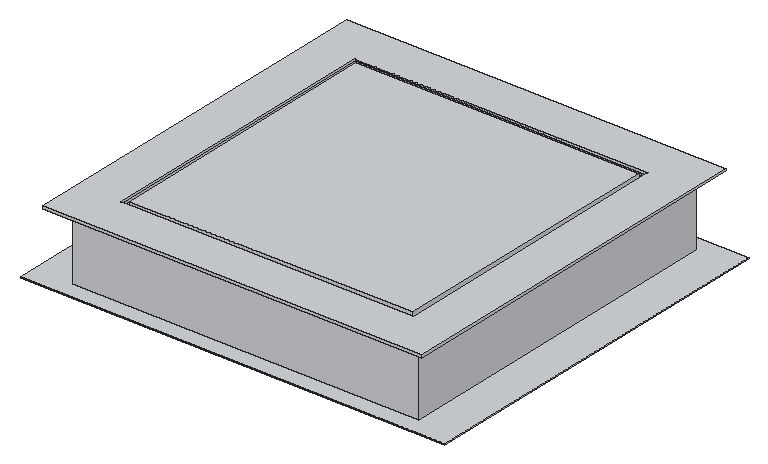
Revit family "Estrichüberdecktes Kanalsystem EÜK_UZD250-3_für_Estrichhöhe_70-125 mm", category Generic Models, Revit 2015
Parameters (values of type "UZD 250-3")
  Width = 200 mm
  URL = "http://www.obo-bettermann.com"
  Size "a" = 262 mm
  Material = Steel, Galvanized
  Manufacturer Art. No. = "7410030"
  Manufacturer = "OBO Bettermann"
  HeightCalc = if(Height < 70 mm, 70 mm, (if(Height > 125 mm, 125 mm, Height)))  # 70 mm
  Height = 70 mm
  GTIN = "4012195430964"
  Article Type = "UZD 250-3"
  "B" Dimension = 410 mm
  "A" Dimension = 367 mm
Reference planes
  plane 1 "Center (Front/Back)": y = 0
  plane 2: z = 0
  plane 3 "Center (Left/Right)": x = 0
  plane 4: z = 1
  plane 5: x = -205
  plane 6: y = -183.5
  plane 7: x = 205
  plane 8: y = 183.5
  plane 9: y = -167
  plane 10: x = 167
  plane 11: y = 167
  plane 12: x = -167
  plane 13: z = 68
  plane 14: z = 70
  plane 15: x = -183.5
  plane 16: x = 183.5
  plane 17: y = 141.5
  plane 18: x = 141.5
  plane 19: x = -141.5
  plane 20: y = -141.5
  plane 21: z = 66
  plane 22: y = 131
  plane 23: y = -131
  plane 24: x = 131
  plane 25: x = -131
  plane 26: y = -136.5
  plane 27: x = 136.5
  plane 28: y = 136.5
  plane 29: x = -136.5
Forms (mm)
  Extrusion 1, solid
    sketch origin (0, 0, 0) x (1, 0, 0) y (0, 1, 0)
      loop
        line (205, 183.5) -> (-205, 183.5) -> (-205, -183.5) -> (205, -183.5) -> (205, 183.5)
    from 0 to 1
  Extrusion 2, solid
    sketch origin (0, 0, 0) x (1, 0, 0) y (0, 1, 0)
      loop
        line (-167, 167) -> (-167, -167) -> (167, -167) -> (167, 167) -> (-167, 167)
    from 1 to 68
  Extrusion 3, solid
    sketch origin (0, 0, 0) x (1, 0, 0) y (0, 1, 0)
      loop
        line (-183.5, 183.5) -> (-183.5, -183.5) -> (183.5, -183.5) -> (183.5, 183.5) -> (-183.5, 183.5)
    from 68 to 70
  Extrusion 4, void
    sketch origin (0, 0, 0) x (1, 0, 0) y (0, 1, 0)
      loop
        line (-141.5, 141.5) -> (-141.5, -141.5) -> (141.5, -141.5) -> (141.5, 141.5) -> (-141.5, 141.5)
    from 66 to 70
  Extrusion 5, void
    sketch origin (0, 0, 0) x (1, 0, 0) y (0, 1, 0)
      loop
        line (-131, 131) -> (-131, -131) -> (131, -131) -> (131, 131) -> (-131, 131)
    from 1 to 66
  Extrusion 6, solid
    sketch origin (0, 0, 0) x (1, 0, 0) y (0, 1, 0)
      loop
        line (-136.5, 136.5) -> (-136.5, -136.5) -> (136.5, -136.5) -> (136.5, 136.5) -> (-136.5, 136.5)
    from 66 to 70
Cuts and joins
  Extrusion 4, Extrusion 5 cuts Extrusion 1
  Extrusion 4, Extrusion 5 cuts Extrusion 2
  Extrusion 4 cuts Extrusion 3
Lines and regions (mm)
  model lines
    curve 1: line (205, 183.5, 0) -> (-205, 183.5, 0)
    curve 2: line (205, 183.5, 0) -> (205, -183.5, 0)
    curve 3: line (205, -183.5, 0) -> (-205, -183.5, 0)
    curve 4: line (-205, -183.5, 0) -> (-205, 183.5, 0)
    curve 5: line (-167, 167, 0) -> (167, 167, 0)
    curve 6: line (167, 167, 0) -> (167, -167, 0)
    curve 7: line (167, -167, 0) -> (-167, -167, 0)
    curve 8: line (-167, -167, 0) -> (-167, 167, 0)
    curve 9: line (-183.5, 183.5, 0) -> (-183.5, -183.5, 0)
    curve 10: line (183.5, -183.5, 0) -> (183.5, 183.5, 0)
    curve 11: line (-141.5, 141.5, 0) -> (141.5, 141.5, 0)
    curve 12: line (141.5, 141.5, 0) -> (141.5, -141.5, 0)
    curve 13: line (141.5, -141.5, 0) -> (-141.5, -141.5, 0)
    curve 14: line (-141.5, -141.5, 0) -> (-141.5, 141.5, 0)
    curve 15: line (-131, 131, 0) -> (131, 131, 0)
    curve 16: line (131, 131, 0) -> (131, -131, 0)
    curve 17: line (131, -131, 0) -> (-131, -131, 0)
    curve 18: line (-131, -131, 0) -> (-131, 131, 0)
    curve 19: line (-136.5, 136.5, 0) -> (136.5, 136.5, 0)
    curve 20: line (136.5, 136.5, 0) -> (136.5, -136.5, 0)
    curve 21: line (136.5, -136.5, 0) -> (-136.5, -136.5, 0)
    curve 22: line (-136.5, -136.5, 0) -> (-136.5, 136.5, 0)
Dimensions and locks
  locked: level to plane 4 at 1
  equal spacing: plane 6, plane 1 "Center (Front/Back)", plane 8
  ""A" Dimension": plane 6 to plane 8
  equal spacing: plane 5, plane 3 "Center (Left/Right)", plane 7
  ""B" Dimension": plane 5 to plane 7
  equal spacing: plane 12, plane 3 "Center (Left/Right)", plane 10
  locked: plane 9 to plane 11 at 334
  equal spacing: plane 9, plane 1 "Center (Front/Back)", plane 11
  locked: plane 12 to plane 10 at 334
  locked: plane 13 to plane 14 at 2
  equal spacing: plane 15, plane 3 "Center (Left/Right)", plane 16
  locked: plane 15 to plane 16 at 367
  equal spacing: plane 19, plane 3 "Center (Left/Right)", plane 18
  locked: plane 19 to plane 18 at 283
  equal spacing: plane 17, plane 1 "Center (Front/Back)", plane 20
  locked: plane 17 to plane 20 at 283
  "HeightCalc": level to plane 14
  locked: plane 21 to plane 14 at 4
  equal spacing: plane 25, plane 3 "Center (Left/Right)", plane 24
  "Size "a"": plane 25 to plane 24
  equal spacing: plane 22, plane 1 "Center (Front/Back)", plane 23
  "Size "a"": plane 22 to plane 23
  equal spacing: plane 29, plane 3 "Center (Left/Right)", plane 27
  locked: plane 29 to plane 27 at 273
  equal spacing: plane 28, plane 1 "Center (Front/Back)", plane 26
  locked: plane 28 to plane 26 at 273
  aligned and locked: level to plane 2
  aligned and locked: plane 7 to curve 2
  aligned and locked: plane 5 to curve 4
  aligned and locked: Extrusion 1 sketch curve to curve 1
  aligned and locked: Extrusion 1 sketch curve to curve 2
  aligned and locked: Extrusion 1 sketch curve to curve 3
  aligned and locked: Extrusion 1 sketch curve to curve 4
  aligned and locked: plane 4 to Extrusion 1
  aligned and locked: plane 11 to curve 5
  aligned and locked: curve 6 to plane 10
  aligned and locked: plane 9 to curve 7
  aligned and locked: curve 8 to plane 12
  aligned and locked: Extrusion 2 sketch curve to curve 5
  aligned and locked: Extrusion 2 sketch curve to curve 6
  aligned and locked: Extrusion 2 sketch curve to curve 7
  aligned and locked: Extrusion 2 sketch curve to curve 8
  aligned and locked: plane 13 to Extrusion 2
  aligned and locked: Extrusion 2 to plane 4
  aligned and locked: curve 9 to plane 15
  aligned and locked: plane 16 to curve 10
  aligned and locked: Extrusion 3 sketch curve to curve 9
  aligned and locked: Extrusion 3 sketch curve to curve 10
  aligned and locked: plane 6 to Extrusion 3 sketch curve
  aligned and locked: Extrusion 3 sketch curve to plane 8
  aligned and locked: Extrusion 3 to plane 13
  aligned and locked: plane 14 to Extrusion 3
  aligned and locked: curve 11 to plane 17
  aligned and locked: curve 12 to plane 18
  aligned and locked: plane 20 to curve 13
  aligned and locked: plane 19 to curve 14
  aligned and locked: Extrusion 1 to level
  aligned and locked: Extrusion 4 sketch curve to curve 11
  aligned and locked: Extrusion 4 sketch curve to curve 12
  aligned and locked: Extrusion 4 sketch curve to curve 13
  aligned and locked: Extrusion 4 sketch curve to curve 14
  aligned and locked: plane 14 to Extrusion 4
  aligned and locked: Extrusion 4 to plane 21
  aligned and locked: curve 15 to plane 22
  aligned and locked: curve 16 to plane 24
  aligned and locked: plane 23 to curve 17
  aligned and locked: plane 25 to curve 18
  aligned and locked: Extrusion 5 sketch curve to curve 15
  aligned and locked: Extrusion 5 sketch curve to curve 18
  aligned and locked: Extrusion 5 sketch curve to curve 17
  aligned and locked: Extrusion 5 sketch curve to curve 16
  aligned and locked: plane 21 to Extrusion 5
  aligned and locked: Extrusion 5 to plane 4
  aligned and locked: curve 19 to plane 28
  aligned and locked: curve 20 to plane 27
  aligned and locked: curve 21 to plane 26
  aligned and locked: curve 22 to plane 29
  aligned and locked: Extrusion 6 sketch curve to curve 19
  aligned and locked: Extrusion 6 sketch curve to curve 22
  aligned and locked: Extrusion 6 sketch curve to curve 21
  aligned and locked: Extrusion 6 sketch curve to curve 20
  aligned and locked: Extrusion 6 to plane 21
  aligned and locked: plane 14 to Extrusion 6
Automatic sketch dimensions
  curve 10 to plane 6 = 0 mm
  plane 8 to curve 9 = 0 mm
